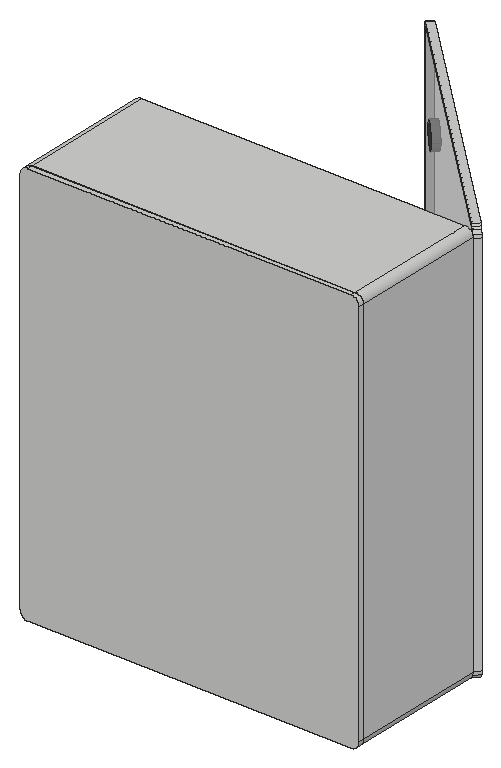
Revit family "Building-SurfaceMountingEnclosures-GEWISS-44CEP-DISTRIBUTION-BOARD-GWPLAST_TRANSPARENT_DOOR_IP55", category Attrezzatura elettrica, host Muro, Revit 2016
Family settings
  Host = Muro
  Configurazione quadro = Due colonne, circuiti in orizzontale
  Tipo di parte = Pannello comandi
  Quota connettore circolare = Usa diametro
  Numero OmniClass = 23.80.30.11.17
  Titolo OmniClass = Distribution Boards and Control Panels
  Sempre verticale = Sì
  Taglio con vuoti quando caricato = No
  Condiviso = No
  Punto di calcolo locali = Sì
Parameters (values of type "GW44821 - WATERT.BOARD 396X474X160 IP55 TRANS.DOOR")
  Vista di pianta [instance] = yes
  Version file RFA = "18.0"
  URL = "https://www.gewiss.com/ww/en"
  Type of material = "Halogen-free in compliance with EN 60754-2"
  Type of door = "Transparent door"
  Thermo-pressure with ball = "110 °C"
  Technical sheet = "https://www.gewiss.com/ww/en/search?q=GW44821"
  Suitable for = ""
  Struttura quadro = GEWISS - GRIGIO RAL 7035
  Standard. = "EN 61439-1, EN 61439-2, EN60670-1, IEC 60670-24"
  Standard = "EN 61439-1, EN 61439-2, EN60670-1, IEC 60670-24"
  Sportello visibile [instance] = yes
  Spessore quadro = 160 mm
  Simbolo [instance] = yes
  Shock resistance = "IK08"
  SEO = "Board"
  Realized by GEWISS S.p.A. = ""
  Rated insulation voltage (Ui) = "750V"
  Rated impulse withstand voltage = "750V"
  Produttore = "GEWISS S.p.A."
  Potenza quadro = 0 V
  Porta = GEWISS - Pannello oblo : 2 FORI
  Pannello trasparente = GEWISS COPERCHIO TRASPARENTE
  Pannello = GEWISS - GRIGIO RAL 7035
  Outer dim. LxHxD (mm) = "396x474x160"
  Operating temperature = "-25 +60 °C"
  Offset etichetta nome quadro [instance] = 685.076 mm
  No. of modules EN 50022: = "32 (16X2)"
  No. locks = "2"
  No. EN 50022 mod. per comp. = "32 (16X2)"
  Modello = "GW44821"
  Maximum rated insulation voltage (Ue) = "750V"
  Material = "Technopolymer GWPLAST 120"
  Maniglia visibile [instance] = yes
  Maniglia = GEWISS - NERO
  Larghezza quadro = 396 mm
  Insulation voltage: = "750 V"
  Insulation voltage = "750V"
  Insulation class = "II"
  Immagine tipo = GW44818.jpg
  IP degree = "IP55"
  IFC.TypeObject = ""
  IFC.ExportType = ""
  IFC.ExportAs = ""
  IDT = "5cc5c3b4-320d-46b7-b248-1bf2549943c2"
  IDF = "8ea05279-4528-438b-9381-5b901c947f82"
  H_quadro = 474 mm
  H_da terra = 500 mm
  Glow Wire Test = "650°C"
  GW - NOME QUADRO [instance] = "NOME QUADRO"
  GEWISS SCHEDA TECNICA = "http://pro.gewiss.com/irj/portal/?NavigationTarget=pcd:portal_content/com.gewiss.ZPPFDMain/com.gewiss.ZPPFDITMain/com.gewiss.ZPPFDITMainDefault/com.gewiss.ZPPFDITPages/com.gewiss.ZPPFDITPagesAP/com.gewiss.ZPPFDITPagesAPCatalogo/com.gewiss.ZPPPDITAPProductDetail&codProd=GW44821"
  Family = "44 CEP"
  Etichetta nome quadro [instance] = yes
  Electrocod = "1312"
  EAN code = "8011564028494"
  Distanza_fori = 100 mm
  Distanza orizzontale del simbolo [instance] = 887.355 mm
  Distanza dal muro [instance] = 4.208 mm
  Dispersible power B (W) = "46"
  Dispersible power A (W) = "52"
  Descrizione = "WATERT.BOARD 396X474X160 IP55 TRANS.DOOR"
  Cornice simbolo [instance] = yes
  Colour = "Grey RAL 7035"
  Classificazione carico = Other
  Catalogue Range = "44 CEP"
  Catalogue = "BUILDING"
  Carico Apparente = 0 VA
  COBie.Tagnumber = ""
  COBie.CreatedOn = ""
  COBie.CreatebBy = ""
  COBie.ComponentRegisterItemID = ""
  COBie.Component.TagNumber = ""
  COBie.Component.Space = ""
  COBie.Component.SerialNumber = ""
  COBie.Component.InstallationDate = ""
  COBie.Component.Description = ""
  COBie.Component.BarCode = ""
  Bidimensionale = 2D - CEP QUADRI STAGNI GWPLAST OBLO IP55 : 2 fori
  Apertura quadro [instance] = 45.00°
  Angolo di apertura reale [instance] = if(Apertura quadro < 0.00°, 0.00°, if(Apertura quadro > 180.00°, 180.00°, Apertura quadro))  # 45.00°
  Accessories for insulation restoring = "GW44621-GW46446-GW46451"
Types (4, lengths in mm): name | Technical sheet | Suitable for | Spessore quadro | Porta | Outer dim. LxHxD (mm) | No. of modules EN 50022: | No. locks | No. EN 50022 mod. per comp. | Modello | Larghezza quadro | IDT | H_quadro | GEWISS SCHEDA TECNICA | EAN code | Dispersible power B (W) | Dispersible power A (W) | Descrizione | Bidimensionale
  GW44818 - WATERT.BOARD 200X254X135 IP55 TRANS.DOOR | "https://www.gewiss.com/ww/en/search?q=GW44818" | "EN 61439-1, EN 61439-2, EN60670-1, IEC 60670-24" | 135 | GEWISS - Pannello oblo : 1 FORO | "200x254x135" | "" | "1" | "-" | "GW44818" | 200 | "d19593ec-06e7-44d2-9f46-525c03a0a61d" | 254 | "http://pro.gewiss.com/irj/portal/?NavigationTarget=pcd:portal_content/com.gewiss.ZPPFDMain/com.gewiss.ZPPFDITMain/com.gewiss.ZPPFDITMainDefault/com.gewiss.ZPPFDITPages/com.gewiss.ZPPFDITPagesAP/com.gewiss.ZPPFDITPagesAPCatalogo/com.gewiss.ZPPPDITAPProductDetail&codProd=GW44818" | "8011564028517" | "17" | "16" | "WATERT.BOARD 200X254X135 IP55 TRANS.DOOR" | 2D - CEP QUADRI STAGNI GWPLAST OBLO IP55 : 1 foro
  GW44819 - WATERT.BOARD 236X316X135 IP55 TRANS.DOOR | "https://www.gewiss.com/ww/en/search?q=GW44819" | "" | 135 | GEWISS - Pannello oblo : 1 FORO | "236x316x135" | "8" | "1" | "8" | "GW44819" | 236 | "1f202373-ad31-4729-a65f-5dc22bbf5d86" | 316 | "http://pro.gewiss.com/irj/portal/?NavigationTarget=pcd:portal_content/com.gewiss.ZPPFDMain/com.gewiss.ZPPFDITMain/com.gewiss.ZPPFDITMainDefault/com.gewiss.ZPPFDITPages/com.gewiss.ZPPFDITPagesAP/com.gewiss.ZPPFDITPagesAPCatalogo/com.gewiss.ZPPPDITAPProductDetail&codProd=GW44819" | "8011564028487" | "31" | "26" | "WATERT.BOARD 236X316X135 IP55 TRANS.DOOR" | 2D - CEP QUADRI STAGNI GWPLAST OBLO IP55 : 1 foro
  GW44820 - WATERT.BOARD 316X396X160 IP55 TRANS.DOOR | "https://www.gewiss.com/ww/en/search?q=GW44820" | "" | 160 | GEWISS - Pannello oblo : 2 FORI | "316x396x160" | "24 (12X2)" | "2" | "24 (12X2)" | "GW44820" | 316 | "8dc7f18f-a9aa-4d61-acd5-d09d0a745ae5" | 396 | "http://pro.gewiss.com/irj/portal/?NavigationTarget=pcd:portal_content/com.gewiss.ZPPFDMain/com.gewiss.ZPPFDITMain/com.gewiss.ZPPFDITMainDefault/com.gewiss.ZPPFDITPages/com.gewiss.ZPPFDITPagesAP/com.gewiss.ZPPFDITPagesAPCatalogo/com.gewiss.ZPPPDITAPProductDetail&codProd=GW44820" | "8011564028500" | "34" | "42" | "WATERT.BOARD 316X396X160 IP55 TRANS.DOOR" | 2D - CEP QUADRI STAGNI GWPLAST OBLO IP55 : 2 fori
  GW44821 - WATERT.BOARD 396X474X160 IP55 TRANS.DOOR | "https://www.gewiss.com/ww/en/search?q=GW44821" | "" | 160 | GEWISS - Pannello oblo : 2 FORI | "396x474x160" | "32 (16X2)" | "2" | "32 (16X2)" | "GW44821" | 396 | "5cc5c3b4-320d-46b7-b248-1bf2549943c2" | 474 | "http://pro.gewiss.com/irj/portal/?NavigationTarget=pcd:portal_content/com.gewiss.ZPPFDMain/com.gewiss.ZPPFDITMain/com.gewiss.ZPPFDITMainDefault/com.gewiss.ZPPFDITPages/com.gewiss.ZPPFDITPagesAP/com.gewiss.ZPPFDITPagesAPCatalogo/com.gewiss.ZPPPDITAPProductDetail&codProd=GW44821" | "8011564028494" | "46" | "52" | "WATERT.BOARD 396X474X160 IP55 TRANS.DOOR" | 2D - CEP QUADRI STAGNI GWPLAST OBLO IP55 : 2 fori
Reference planes
  plane 1 "Muro": y = 0
  plane 2 "Centro (Sinistra/Destra)": x = 125
  plane 3 "Indietro": y = 75
  plane 4 "SX": x = -73
  plane 5 "DX": x = 323
  plane 6: y = 241
  plane 7 "Base quadro": z = 500
  plane 8: z = 974
  plane 9: y = 81
  plane 10: z = 737
  plane 11: x = -960.355
  plane 12: y = 760.076
Forms (mm)
  Extrusion 1, solid, material "GEWISS - GRIGIO RAL 7035" <- "Struttura quadro"
    sketch origin (0, 0, 0) x (1, 0, 0) y (0, 0, 1)
      loop
        line (313.613, 974) -> (-63.613, 974)
        arc (-63.613, 974) -> (-70.251, 971.251) -> (-73, 964.613) r 9.387
        line (-73, 964.613) -> (-73, 509.387)
        arc (-73, 509.387) -> (-70.251, 502.749) -> (-63.613, 500) r 9.387
        line (-63.613, 500) -> (313.613, 500)
        arc (313.613, 500) -> (320.251, 502.749) -> (323, 509.387) r 9.387
        line (323, 509.387) -> (323, 964.613)
        arc (323, 964.613) -> (320.251, 971.251) -> (313.613, 974) r 9.387
      loop
        line (297.613, 954) -> (-47.613, 954)
        arc (-47.613, 954) -> (-51.422, 952.422) -> (-53, 948.613) r 5.387
        line (-53, 948.613) -> (-53, 525.387)
        arc (-53, 525.387) -> (-51.422, 521.578) -> (-47.613, 520) r 5.387
        line (-47.613, 520) -> (297.613, 520)
        arc (297.613, 520) -> (301.422, 521.578) -> (303, 525.387) r 5.387
        line (303, 525.387) -> (303, 948.613)
        arc (303, 948.613) -> (301.422, 952.422) -> (297.613, 954) r 5.387
    from -241 to -81
  Extrusion 2, solid, material "GEWISS - GRIGIO RAL 7035" <- "Pannello"
    sketch origin (0, 0, 0) x (1, 0, 0) y (0, 0, 1)
      loop
        arc (-63.613, 974) -> (-70.251, 971.251) -> (-73, 964.613) r 9.387
        line (-73, 964.613) -> (-73, 509.387)
        arc (-73, 509.387) -> (-70.251, 502.749) -> (-63.613, 500) r 9.387
        line (-63.613, 500) -> (313.613, 500)
        arc (313.613, 500) -> (320.251, 502.749) -> (323, 509.387) r 9.387
        line (323, 509.387) -> (323, 964.613)
        arc (323, 964.613) -> (320.251, 971.251) -> (313.613, 974) r 9.387
        line (313.613, 974) -> (-63.613, 974)
    from -81 to -75
Lines and regions (mm)
  Masking region 1, visible <- "Vista di pianta"
    outline origin (-33, 241, 0) x (0.984808, 0.173648, 0) y (-0.173648, 0.984808, 0)
      loop
        line (321.766, -225.297) -> (350.592, -61.819) -> (-39.392, 6.946) -> (-68.218, -156.532) -> (321.766, -225.297)
  Masking region 2
    outline origin (125, 0, 0) x (0, 1, 0) y (0, 0, 1)
      loop
        line (75, 500) -> (241, 500) -> (241, 974) -> (75, 974) -> (75, 500)
  Masking region 3, visible <- "Vista di pianta"
    outline origin (-42.761, 185.643, 0) x (0.984808, 0.173648, 0) y (-0.173648, 0.984808, 0)
      loop
        line (142.68, 315.386) -> (369.817, -8.998) -> (376.37, -4.41) -> (149.234, 319.975) -> (142.68, 315.386)
  reference lines
    curve 1: line (323, 241, 0) -> (40.157, 523.843, 0)
Text (mm)
  text "Lato posizionamento" at (-2540.362, 1733.729, 0), in view "Livello rif."
  text "Lato posizionamento" at (0, 1409.804, 2854.306), in view "Sinistra"
  text "Lato posizionamento" at (0, 499.811, 2980.732), in view "Destra"
Dimensions and locks
  locked: plane 3 "Indietro" to host wall
  "H_da terra": level to plane 7 "Base quadro"
  "H_quadro": plane 7 "Base quadro" to plane 8
  locked: plane 9 to host wall at 6
  "Spessore quadro": plane 6 to plane 9
  equal spacing: plane 7 "Base quadro", plane 10, plane 8
  "Larghezza quadro": plane 4 "SX" to plane 5 "DX"
  "Distanza orizzontale del simbolo": plane 11 to plane 4 "SX"
  "Offset etichetta nome quadro": plane 12 to plane 3 "Indietro"
  equal spacing: plane 4 "SX", plane 2 "Centro (Sinistra/Destra)", plane 5 "DX"
  locked: Extrusion 1 sketch curve to Extrusion 1 sketch curve at 20  (x4)
  "Apertura quadro": angle curve 1 to plane 6
  aligned and locked: plane 1 "Muro" to host wall
  aligned and locked: plane 8 to Extrusion 1 sketch curve
  aligned and locked: plane 5 "DX" to Extrusion 1 sketch curve
  aligned and locked: Extrusion 1 sketch curve to plane 7 "Base quadro"
  aligned and locked: Extrusion 1 sketch curve to plane 4 "SX"
  aligned and locked: plane 6 to Extrusion 1
  aligned and locked: Extrusion 1 to plane 9
  aligned and locked: plane 9 to Extrusion 2
  aligned and locked: Extrusion 2 to host wall
  aligned and locked: nested 2 to plane 12
  aligned and locked: plane 11 to nested 3
  aligned and locked: Masking region 1 sketch curve to plane 6
  aligned and locked: Masking region 1 sketch curve to plane 3 "Indietro"
  aligned and locked: Masking region 1 sketch curve to plane 5 "DX"
  aligned and locked: plane 4 "SX" to Masking region 1 sketch curve
  aligned and locked: Masking region 2 sketch curve to Extrusion 2
  aligned and locked: Masking region 2 sketch curve to Extrusion 1  (x2)
  aligned and locked: plane 10 to nested 4
  aligned and locked: plane 5 "DX" to nested 4
  aligned and locked: plane 7 "Base quadro" to nested 1
  aligned and locked: plane 6 to Masking region 1  (x2)
  aligned and locked: Extrusion 2 sketch curve to Extrusion 1  (x4)
  aligned and locked: plane 2 "Centro (Sinistra/Destra)" to nested 2
  aligned and locked: plane 5 "DX" to curve 1
  aligned and locked: Masking region 3 sketch curve to nested 1  (x3)
  aligned and locked: nested 1 to Masking region 3 sketch curve
  aligned and locked: nested 1 to curve 1  (x2)
Automatic sketch dimensions
  Extrusion 1 sketch curve to Extrusion 1 sketch curve = 16 mm  (x4)
  Extrusion 1 sketch curve to Extrusion 1 sketch curve = 5.387 mm  (x3)
  Extrusion 1 sketch curve to Extrusion 1 sketch curve = 10.613 mm
  Extrusion 2 sketch curve to Extrusion 2 sketch curve = 9.387 mm  (x2)
  Extrusion 2 sketch curve to plane 5 "DX" = 9.387 mm  (x2)
  Masking region 2 sketch curve to plane 7 "Base quadro" = 0 mm
  curve 1 to plane 6 = 0 mm
Nested families
  nested 1: "GEWISS - Pannello oblo" at (182.993, 381.007, 104) x (0.7071, -0.7071, 0) z (0, 0, 1), visible <- "Sportello visibile", H_pannello <- "H_quadro", Larghezza pannello <- "Larghezza quadro", type <- "Porta", type "2 FORI"
    with Larghezza pannello 396 mm, H_pannello 474 mm
  nested 2: "NOME QUADRO" at (125, 760.076, 0), TXT <- "GW - NOME QUADRO", visible <- "Etichetta nome quadro", type "NOME QUADRO"
    with TXT "NOME QUADRO"
  nested 3: "QUADRILAN" at (-960.355, 75, 0), Distanza dal muro <- "Distanza dal muro", BORDO ACCESO <- "Cornice simbolo", SIMBOLO ACCESO <- "Simbolo", type "QUADRILAN"
    with SIMBOLO ACCESO yes, Distanza dal muro 4.208 mm, BORDO ACCESO yes
  nested 4: "2D - CEP QUADRI STAGNI GWPLAST OBLO IP55" at (125, 0, 737) x (-1, 0, 0) z (0, -1, 0), Altezza <- "H_quadro", Larghezza <- "Larghezza quadro", type <- "Bidimensionale", type "2 fori"
    with Larghezza 396 mm, Altezza 474 mm
Connectors
  electrical at (125, 161, 974), driven by "Carico Apparente", driven by "Classificazione carico", driven by "Potenza quadro"
    settings: on Extrusion 1, index 1, voltage 0 V, apparent load 0 VA, apparent load phase1 0 VA, apparent load phase2 0 VA, apparent load phase3 0 VA, power factor 1, load classification "Other", number of poles 1, system type 31, power factor state 1, is connector primary yes, connector utility no, sub classification motor no, connector description ""
Definition of nested family "GEWISS - Pannello oblo"
  Parameters (values of type "1 FORO")
    Default Elevation = 1219.2 mm
    Pannello trasparente = none
    Pannello = none
    Maniglia = none
    Larghezza pannello [instance] = 316 mm
    H_pannello [instance] = 396 mm
    H_da terra = 396 mm
    2 FORI = no
    1 FORO = yes
  Types (2, lengths in mm): name | 2 FORI | 1 FORO
    1 FORO | no | yes
    2 FORI | yes | no
  Reference planes
    plane 1 "Centro (Fronte/Retro)": y = 0
    plane 2: z = 0
    plane 3 "Centro (Sinistra/Destra)": x = 0
    plane 4: x = -158
    plane 5: x = 158
    plane 6: y = 8
    plane 7: z = 792
    plane 8: z = 396
    plane 9: z = 594
    plane 10: x = -115.8
    plane 11: z = 691.5
    plane 12: z = 508.2
  Forms (mm)
    Extrusion 1, solid, material <- "Pannello", visible <- "1 FORO"
      sketch origin (0, 0, 0) x (1, 0, 0) y (0, 0, 1)
        loop
          line (-148.613, 792) -> (-152.972, 790.92) -> (-155.581, 788.905) -> (-157.569, 785.491) -> (-158, 781.674) -> (-158, 406.326) -> (-157.277, 401.774) -> (-155.331, 398.831) -> (-152.312, 396.76) -> (-148.613, 396) -> (148.613, 396) -> (152.205, 396.714) -> (155.251, 398.749) -> (157.335, 401.918) -> (158, 406.326) -> (158, 781.674) -> (157.678, 785.136) -> (155.581, 788.905) -> (152.77, 791.023) -> (148.613, 792) -> (-148.613, 792)
        loop
          arc (-148.613, 787) -> (-151.762, 785.124) -> (-153, 781.674) r 5.426
          line (-153, 781.674) -> (-153, 406.326)
          arc (-153, 406.326) -> (-151.762, 402.876) -> (-148.613, 401) r 5.426
          line (-148.613, 401) -> (148.613, 401)
          arc (148.613, 401) -> (151.762, 402.876) -> (153, 406.326) r 5.426
          line (153, 406.326) -> (153, 781.674)
          arc (153, 781.674) -> (151.762, 785.124) -> (148.613, 787) r 5.426
          line (148.613, 787) -> (-148.613, 787)
      from -8 to 0
    Extrusion 2, solid, material <- "Maniglia", visible <- "1 FORO"
      sketch origin (0, 0, 0) x (1, 0, 0) y (0, 0, 1)
        loop
          circle (-115.8, 594) r 14.644
      from -8 to 0
    Extrusion 3, solid, material <- "Pannello", visible <- "2 FORI"
      sketch origin (0, 0, 0) x (1, 0, 0) y (0, 0, 1)
        loop
          line (-148.613, 792) -> (-152.972, 790.92) -> (-155.581, 788.905) -> (-157.569, 785.491) -> (-158, 781.674) -> (-158, 406.326) -> (-157.277, 401.774) -> (-155.331, 398.831) -> (-152.312, 396.76) -> (-148.613, 396) -> (148.613, 396) -> (152.205, 396.714) -> (155.251, 398.749) -> (157.335, 401.918) -> (158, 406.326) -> (158, 781.674) -> (157.678, 785.136) -> (155.581, 788.905) -> (152.77, 791.023) -> (148.613, 792) -> (-148.613, 792)
        loop
          line (-153, 781.674) -> (-153, 406.326)
          arc (-153, 406.326) -> (-151.762, 402.876) -> (-148.613, 401) r 5.426
          line (-148.613, 401) -> (148.613, 401)
          arc (148.613, 401) -> (151.762, 402.876) -> (153, 406.326) r 5.426
          line (153, 406.326) -> (153, 781.674)
          arc (153, 781.674) -> (151.762, 785.124) -> (148.613, 787) r 5.426
          line (148.613, 787) -> (-148.613, 787)
          arc (-148.613, 787) -> (-151.762, 785.124) -> (-153, 781.674) r 5.426
      from -8 to 0
    Extrusion 4, solid, material <- "Maniglia", visible <- "2 FORI"
      sketch origin (0, 0, 0) x (1, 0, 0) y (0, 0, 1)
        loop
          circle (-115.8, 691.5) r 14.644
        loop
          circle (-115.8, 508.2) r 14.644
      from -8 to 0
    Extrusion 5, solid, material <- "Pannello trasparente", visible <- "2 FORI"
      sketch origin (0, 0, 0) x (1, 0, 0) y (0, 0, 1)
        loop
          arc (-148.613, 787) -> (-151.762, 785.124) -> (-153, 781.674) r 5.426
          line (-153, 781.674) -> (-153, 406.326)
          arc (-153, 406.326) -> (-151.762, 402.876) -> (-148.613, 401) r 5.426
          line (-148.613, 401) -> (148.613, 401)
          arc (148.613, 401) -> (151.762, 402.876) -> (153, 406.326) r 5.426
          line (153, 406.326) -> (153, 781.674)
          arc (153, 781.674) -> (151.762, 785.124) -> (148.613, 787) r 5.426
          line (148.613, 787) -> (-148.613, 787)
        loop
          circle (-115.8, 691.5) r 14.644
        loop
          circle (-115.8, 508.2) r 14.644
      from -8 to 0
    Extrusion 6, solid, material <- "Pannello trasparente", visible <- "1 FORO"
      sketch origin (0, 0, 0) x (1, 0, 0) y (0, 0, 1)
        loop
          arc (-148.613, 787) -> (-151.762, 785.124) -> (-153, 781.674) r 5.426
          line (-153, 781.674) -> (-153, 406.326)
          arc (-153, 406.326) -> (-151.762, 402.876) -> (-148.613, 401) r 5.426
          line (-148.613, 401) -> (148.613, 401)
          arc (148.613, 401) -> (151.762, 402.876) -> (153, 406.326) r 5.426
          line (153, 406.326) -> (153, 781.674)
          arc (153, 781.674) -> (151.762, 785.124) -> (148.613, 787) r 5.426
          line (148.613, 787) -> (-148.613, 787)
        loop
          circle (-115.8, 594) r 14.644
      from -8 to 0
  Dimensions and locks
    locked: plane 1 "Centro (Fronte/Retro)" to plane 6 at 8
    "H_pannello": plane 7 to plane 8
    "H_da terra": plane 8 to plane 2
    "Larghezza pannello": plane 4 to plane 5
    equal spacing: plane 5, plane 3 "Centro (Sinistra/Destra)", plane 4
    equal spacing: plane 7, plane 9, plane 8
    locked: plane 7 to plane 11 at 100.5
    locked: plane 12 to plane 8 at 112.2
    locked: plane 10 to plane 4 at 42.2
    aligned and locked: level to plane 2
    aligned and locked: plane 6 to Extrusion 1
    aligned and locked: plane 1 "Centro (Fronte/Retro)" to Extrusion 1
    aligned and locked: plane 6 to Extrusion 2
    aligned and locked: plane 1 "Centro (Fronte/Retro)" to Extrusion 2
    aligned and locked: Extrusion 1 sketch curve to Extrusion 3  (x4)
    aligned and locked: Extrusion 5 sketch curve to Extrusion 3  (x4)
    aligned and locked: Extrusion 5 sketch curve to Extrusion 4  (x4)
    aligned and locked: Extrusion 6 sketch curve to Extrusion 3  (x4)
    aligned and locked: Extrusion 6 sketch curve to Extrusion 2  (x2)
    aligned and locked: plane 6 to Extrusion 6
    aligned and locked: plane 1 "Centro (Fronte/Retro)" to Extrusion 6
    aligned and locked: plane 6 to Extrusion 5
    aligned and locked: plane 1 "Centro (Fronte/Retro)" to Extrusion 5
  Automatic sketch dimensions
    plane 4 to Extrusion 1 sketch curve = 0.431 mm
    plane 4 to Extrusion 1 sketch curve = 0.723 mm
    plane 4 to Extrusion 1 sketch curve = 2.419 mm
    plane 4 to Extrusion 1 sketch curve = 2.669 mm
    Extrusion 1 sketch curve to plane 7 = 1.08 mm
    Extrusion 1 sketch curve to Extrusion 1 sketch curve = 2.609 mm
    plane 8 to Extrusion 1 sketch curve = 0.76 mm
    Extrusion 1 sketch curve to Extrusion 1 sketch curve = 3.019 mm
    Extrusion 1 sketch curve to Extrusion 1 sketch curve = 4.359 mm
    Extrusion 1 sketch curve to Extrusion 1 sketch curve = 3.699 mm
    Extrusion 1 sketch curve to plane 5 = 9.387 mm  (x2)
    plane 8 to Extrusion 1 sketch curve = 0.714 mm
    Extrusion 1 sketch curve to Extrusion 1 sketch curve = 3.592 mm
    Extrusion 1 sketch curve to plane 7 = 0.977 mm
    Extrusion 1 sketch curve to Extrusion 1 sketch curve = 4.157 mm
    Extrusion 1 sketch curve to plane 5 = 2.749 mm
    Extrusion 1 sketch curve to plane 5 = 2.419 mm
    Extrusion 1 sketch curve to plane 5 = 0.665 mm
    Extrusion 1 sketch curve to plane 5 = 0.322 mm
    plane 8 to Extrusion 1 sketch curve = 2.749 mm
    plane 8 to Extrusion 1 sketch curve = 2.831 mm
    Extrusion 1 sketch curve to Extrusion 1 sketch curve = 2.944 mm
    Extrusion 1 sketch curve to Extrusion 1 sketch curve = 3.168 mm
    Extrusion 1 sketch curve to Extrusion 1 sketch curve = 4.408 mm
    Extrusion 1 sketch curve to Extrusion 1 sketch curve = 4.552 mm
    Extrusion 1 sketch curve to plane 7 = 10.326 mm  (x2)
    Extrusion 1 sketch curve to Extrusion 1 sketch curve = 3.462 mm
    Extrusion 1 sketch curve to Extrusion 1 sketch curve = 3.817 mm
    Extrusion 1 sketch curve to plane 7 = 3.095 mm  (x2)
    Extrusion 1 sketch curve to plane 4 = 0 mm
    Extrusion 1 sketch curve to plane 5 = 0 mm
    Extrusion 1 sketch curve to plane 8 = 0 mm
    Extrusion 1 sketch curve to plane 7 = 0 mm
    Extrusion 4 sketch curve to plane 10 = 0 mm  (x2)
    Extrusion 4 sketch curve to plane 12 = 0 mm
    Extrusion 4 sketch curve to plane 11 = 0 mm
    Extrusion 3 sketch curve to plane 4 = 0 mm
    Extrusion 3 sketch curve to plane 8 = 0 mm
    Extrusion 3 sketch curve to plane 7 = 0 mm
    Extrusion 3 sketch curve to plane 5 = 0 mm
    plane 4 to Extrusion 3 sketch curve = 0.431 mm
    plane 4 to Extrusion 3 sketch curve = 0.723 mm
    plane 4 to Extrusion 3 sketch curve = 2.419 mm
    plane 4 to Extrusion 3 sketch curve = 2.669 mm
    plane 4 to Extrusion 3 sketch curve = 5 mm
    Extrusion 3 sketch curve to plane 7 = 1.08 mm
    Extrusion 3 sketch curve to Extrusion 3 sketch curve = 2.609 mm
    plane 8 to Extrusion 3 sketch curve = 0.76 mm
    Extrusion 3 sketch curve to Extrusion 3 sketch curve = 3.019 mm
    Extrusion 3 sketch curve to Extrusion 3 sketch curve = 3.699 mm
    Extrusion 3 sketch curve to Extrusion 3 sketch curve = 4.359 mm  (x2)
    Extrusion 3 sketch curve to Extrusion 3 sketch curve = 0 mm  (x3)
    Extrusion 3 sketch curve to Extrusion 3 sketch curve = 1.039 mm
    Extrusion 3 sketch curve to Extrusion 3 sketch curve = 5.426 mm
    Extrusion 3 sketch curve to Extrusion 3 sketch curve = 10.426 mm  (x2)
    Extrusion 3 sketch curve to plane 5 = 9.387 mm  (x2)
    plane 8 to Extrusion 3 sketch curve = 0.714 mm
    Extrusion 3 sketch curve to Extrusion 3 sketch curve = 3.592 mm
    Extrusion 3 sketch curve to plane 7 = 0.977 mm
    Extrusion 3 sketch curve to Extrusion 3 sketch curve = 4.157 mm
    Extrusion 3 sketch curve to Extrusion 3 sketch curve = 5 mm
    Extrusion 3 sketch curve to plane 5 = 2.749 mm
    Extrusion 3 sketch curve to plane 5 = 2.419 mm
    Extrusion 3 sketch curve to plane 5 = 0.665 mm
    Extrusion 3 sketch curve to plane 5 = 0.322 mm
    plane 8 to Extrusion 3 sketch curve = 2.749 mm
    plane 8 to Extrusion 3 sketch curve = 2.831 mm
    plane 8 to Extrusion 3 sketch curve = 5 mm
    Extrusion 3 sketch curve to Extrusion 3 sketch curve = 2.944 mm
    Extrusion 3 sketch curve to Extrusion 3 sketch curve = 3.168 mm
    Extrusion 3 sketch curve to Extrusion 3 sketch curve = 4.408 mm
    Extrusion 3 sketch curve to Extrusion 3 sketch curve = 4.552 mm
    Extrusion 3 sketch curve to plane 7 = 10.326 mm  (x3)
    Extrusion 3 sketch curve to Extrusion 3 sketch curve = 3.462 mm
    Extrusion 3 sketch curve to Extrusion 3 sketch curve = 3.817 mm
    Extrusion 3 sketch curve to plane 7 = 3.095 mm  (x2)
    Extrusion 1 sketch curve to Extrusion 1 sketch curve = 0 mm  (x4)
    Extrusion 1 sketch curve to Extrusion 1 sketch curve = 1.039 mm  (x4)
    Extrusion 5 sketch curve to Extrusion 5 sketch curve = 4.387 mm  (x2)
    Extrusion 5 sketch curve to Extrusion 5 sketch curve = 1.039 mm  (x4)
    Extrusion 5 sketch curve to plane 5 = 10.426 mm
    Extrusion 5 sketch curve to plane 7 = 10.326 mm
    Extrusion 6 sketch curve to Extrusion 6 sketch curve = 4.387 mm  (x2)
    Extrusion 6 sketch curve to Extrusion 6 sketch curve = 1.039 mm  (x4)
    Extrusion 6 sketch curve to plane 5 = 10.426 mm
    Extrusion 6 sketch curve to plane 7 = 10.326 mm
    Extrusion 2 sketch curve to plane 9 = 0 mm
    Extrusion 2 sketch curve to plane 10 = 0 mm
    radius of Extrusion 4 sketch curve = 14.644 mm  (x2)
    radius of Extrusion 2 sketch curve = 14.644 mm
Definition of nested family "NOME QUADRO"
  Parameters (values of type "NOME QUADRO")
    TXT [instance] = ""
  Reference planes
    plane 1: y = 0
    plane 2: x = 0
  Text (mm)
    label "NOME QUADRO" at (0.217, 0.029, 0), shows "TXT"
Definition of nested family "QUADRILAN"
  Parameters (values of type "QUADRILAN")
    SIMBOLO ACCESO [instance] = yes
    Distanza dal muro [instance] = 4.208 mm
    BORDO ACCESO [instance] = yes
  Reference planes
    plane 1: y = 0
    plane 2: x = 0
  Dimensions and locks
    "Distanza dal muro": plane 1 to nested 1
    aligned and locked: plane 2 to nested 1
  Nested families
    nested 1: "QUADRILAN_BASE" at (0, 4.208, 0), BORDO ACCESO <- "BORDO ACCESO", visible <- "SIMBOLO ACCESO", type "QUADRILAN"
      with BORDO ACCESO yes
  Definition of nested family "QUADRILAN_BASE"
    Parameters (values of type "QUADRILAN")
      Distanza dal muro = 4.208 mm
      BORDO ACCESO [instance] = yes
    Reference planes
      plane 1: y = 0
      plane 2: x = 0
    Lines and regions (mm)
      detail lines, visible <- "BORDO ACCESO"
        curve 1: line (-2, 2.5, 0) -> (2, 2.5, 0)
        curve 2: line (2, 2.5, 0) -> (2, 0, 0)
        curve 3: line (2, 0, 0) -> (-2, 0, 0)
        curve 4: line (-2, 0, 0) -> (-2, 2.5, 0)
        curve 5: line (-1.9, 2.4, 0) -> (1.9, 2.4, 0)
        curve 6: line (1.9, 2.4, 0) -> (1.9, 0.1, 0)
        curve 7: line (1.9, 0.1, 0) -> (-1.9, 0.1, 0)
        curve 8: line (-1.9, 0.1, 0) -> (-1.9, 2.4, 0)
      detail lines, visible <- "BORDO ACCESO", not visible
        curve 9: line (-2.443, 10.208, 0) -> (2.057, 10.208, 0)
        curve 10: line (2.057, 10.208, 0) -> (2.057, 4.208, 0)
        curve 11: line (2.057, 4.208, 0) -> (-2.443, 4.208, 0)
        curve 12: line (-2.443, 4.208, 0) -> (-2.443, 10.208, 0)
        curve 13: line (-2.043, 9.808, 0) -> (1.657, 9.808, 0)
        curve 14: line (1.657, 9.808, 0) -> (1.657, 4.608, 0)
        curve 15: line (1.657, 4.608, 0) -> (-2.043, 4.608, 0)
        curve 16: line (-2.043, 4.608, 0) -> (-2.043, 9.808, 0)
      detail lines
        curve 17: line (1.731, 0.358, 0) -> (-1.731, 2.088, 0)
        curve 18: line (-1.731, 2.088, 0) -> (-0.201, 2.088, 0)
        curve 19: line (-0.201, 2.088, 0) -> (1.731, 2.088, 0)
        curve 20: line (1.731, 2.088, 0) -> (1.731, 0.358, 0)
        curve 21: line (1.731, 0.358, 0) -> (-1.731, 0.358, 0)
        curve 22: line (-1.731, 0.358, 0) -> (-1.731, 2.088, 0)
    Dimensions and locks
      aligned and locked: curve 3 to plane 1
Definition of nested family "2D - CEP QUADRI STAGNI GWPLAST OBLO IP55"
  Parameters (values of type "1 foro")
    Larghezza [instance] = 396 mm
    Altezza [instance] = 474 mm
    2 fori = no
    1 foro = yes
  Types (2, lengths in mm): name | 2 fori | 1 foro
    1 foro | no | yes
    2 fori | yes | no
  Reference planes
    plane 1 "Centro (Fronte/Retro)": y = 0
    plane 2: z = 0
    plane 3 "Centro (Sinistra/Destra)": x = 0
    plane 4: x = -198
    plane 5: x = 198
    plane 6: y = 237
    plane 7: y = -237
  Lines and regions (mm)
    model lines, in view "Livello rif.", visible <- "2 fori", detail levels medium+fine
      curve 1: circle (155.757, -136.483, 0) r 14.644 normal (0, 0, 1)
      curve 2: circle (155.757, -136.483, 0) r 11.828 normal (0, 0, 1)
      curve 3: circle (155.757, -136.483, 0) r 7.04 normal (0, 0, 1)
      curve 4: circle (155.757, 124.834, 0) r 11.828 normal (0, 0, 1)
      curve 5: circle (155.757, 124.834, 0) r 14.644 normal (0, 0, 1)
      curve 6: circle (155.757, 124.834, 0) r 7.04 normal (0, 0, 1)
    model lines, in view "Livello rif."
      curve 7: line (-188.613, -237, 0) -> (-192.172, -236.299, 0)
      curve 8: line (-192.172, -236.299, 0) -> (-195.251, -234.251, 0)
      curve 9: line (-195.251, -234.251, 0) -> (-197.445, -230.793, 0)
      curve 10: line (-197.445, -230.793, 0) -> (-198, -227.613, 0)
      curve 11: line (-198, -227.613, 0) -> (-198, 226.674, 0)
      curve 13: line (198, 226.674, 0) -> (198, -227.613, 0)
      curve 14: line (198, -227.613, 0) -> (197.281, -231.215, 0)
      curve 15: line (197.281, -231.215, 0) -> (195.251, -234.251, 0)
      curve 16: line (195.251, -234.251, 0) -> (192.25, -236.267, 0)
      curve 17: line (192.25, -236.267, 0) -> (188.613, -237, 0)
      curve 18: line (188.613, -237, 0) -> (-188.613, -237, 0)
      curve 20: line (-198, 226.674, 0) -> (-198, 227.613, 0)
      curve 21: line (-198, 227.613, 0) -> (-197.339, 231.072, 0)
      curve 22: line (-197.339, 231.072, 0) -> (-195.362, 234.137, 0)
      curve 23: line (-195.362, 234.137, 0) -> (-192.869, 235.98, 0)
      curve 24: line (-192.869, 235.98, 0) -> (-188.613, 237, 0)
      curve 25: line (-188.613, 237, 0) -> (188.613, 237, 0)
      curve 26: line (188.613, 237, 0) -> (192.796, 236.016, 0)
      curve 27: line (192.796, 236.016, 0) -> (195.251, 234.251, 0)
      curve 28: line (195.251, 234.251, 0) -> (197.047, 231.734, 0)
      curve 29: line (197.047, 231.734, 0) -> (198, 227.613, 0)
      curve 30: line (198, 227.613, 0) -> (198, 226.674, 0)
    model lines, in view "Livello rif.", detail levels medium+fine
      curve 12: line (-198, 226.674, 0) -> (198, 226.674, 0)
      curve 19: line (198, -226.674, 0) -> (-198, -226.674, 0)
    detail lines, in view "Livello rif.", visible <- "1 foro", detail levels medium+fine
      curve 31: circle (155.757, 0, 0) r 11.828 normal (0, 0, 1)
      curve 32: circle (155.757, 0, 0) r 14.644 normal (0, 0, 1)
      curve 33: circle (155.757, 0, 0) r 7.04 normal (0, 0, 1)
    detail lines, in view "Livello rif."
      curve 34: line (-174.471, 149.002, 0) -> (-106.345, 194.238, 0)
      curve 35: line (-137.971, 148.286, 0) -> (-110.685, 166.404, 0)
      curve 36: line (-130.099, 131.826, 0) -> (-85.285, 161.582, 0)
      curve 40: line (153.701, -154.037, 0) -> (85.575, -199.273, 0)
      curve 41: line (117.202, -153.322, 0) -> (89.916, -171.439, 0)
      curve 42: line (109.329, -136.861, 0) -> (64.516, -166.617, 0)
    detail lines, in view "Livello rif.", not visible
      curve 37: line (-174.471, 149.002, 0) -> (-106.345, 194.238, 0)
      curve 38: line (-137.971, 148.286, 0) -> (-110.685, 166.404, 0)
      curve 39: line (-130.099, 131.826, 0) -> (-85.285, 161.582, 0)
  Dimensions and locks
    equal spacing: plane 6, plane 1 "Centro (Fronte/Retro)", plane 7
    "Altezza": plane 6 to plane 7
    equal spacing: plane 4, plane 3 "Centro (Sinistra/Destra)", plane 5
    "Larghezza": plane 4 to plane 5
    locked: curve 6 to plane 5 at 42.243
    locked: plane 6 to curve 5 at 112.166
    locked: curve 1 to plane 7 at 100.517
    curve 2 to plane 5 = 42.243 mm
    locked: curve 31 to plane 5 at 42.243
    locked: plane 6 to curve 34 at 87.998
    locked: plane 4 to curve 34 at 91.655
    locked: curve 40 to plane 7 at 37.727
    locked: curve 40 to plane 5 at 44.299
    aligned and locked: curve 25 to plane 6
    aligned and locked: plane 7 to curve 18
    aligned and locked: curve 13 to plane 5
    aligned and locked: plane 4 to curve 11
  Automatic sketch dimensions
    curve 1 to curve 2 = 0 mm  (x2)
    curve 1 to curve 3 = 0 mm  (x2)
    curve 4 to curve 5 = 0 mm  (x2)
    curve 4 to curve 6 = 0 mm  (x2)
    curve 31 to curve 32 = 0 mm  (x2)
    curve 32 to curve 33 = 0 mm
    plane 4 to curve 10 = 0.555 mm
    plane 4 to curve 22 = 0.661 mm
    plane 4 to curve 22 = 2.638 mm
    plane 4 to curve 9 = 2.749 mm
    curve 23 to plane 6 = 1.02 mm
    curve 22 to curve 23 = 2.493 mm
    plane 7 to curve 8 = 0.701 mm
    curve 8 to curve 8 = 3.078 mm
    curve 7 to curve 18 = 3.56 mm
    curve 23 to curve 24 = 4.256 mm
    curve 26 to plane 5 = 9.387 mm
    curve 17 to plane 5 = 9.387 mm
    plane 7 to curve 16 = 0.733 mm
    curve 17 to curve 16 = 3.637 mm
    curve 26 to plane 6 = 0.984 mm
    curve 25 to curve 26 = 4.183 mm
    curve 28 to plane 5 = 2.749 mm
    curve 15 to plane 5 = 2.749 mm
    curve 28 to plane 5 = 0.953 mm
    curve 14 to plane 5 = 0.719 mm
    plane 7 to curve 15 = 2.749 mm
    plane 7 to curve 8 = 2.749 mm
    curve 15 to curve 15 = 3.036 mm
    curve 8 to curve 9 = 3.458 mm
    curve 9 to curve 11 = 3.18 mm
    curve 14 to curve 13 = 3.602 mm
    curve 20 to plane 6 = 10.326 mm
    curve 12 to curve 29 = 0.939 mm
    curve 11 to curve 21 = 0.939 mm
    curve 20 to curve 22 = 3.46 mm
    curve 29 to curve 28 = 4.121 mm
    curve 22 to plane 6 = 2.863 mm
    curve 27 to plane 6 = 2.749 mm
    curve 13 to curve 19 = 0.939 mm
    curve 31 to curve 33 = 0 mm
    plane 1 "Centro (Fronte/Retro)" to curve 33 = 0 mm
    radius of curve 1 = 14.644 mm
    radius of curve 2 = 11.828 mm
    radius of curve 3 = 7.04 mm
    radius of curve 4 = 11.828 mm
    radius of curve 5 = 14.644 mm
    radius of curve 6 = 7.04 mm
    radius of curve 31 = 11.828 mm
    radius of curve 32 = 14.644 mm
    radius of curve 33 = 7.04 mm
